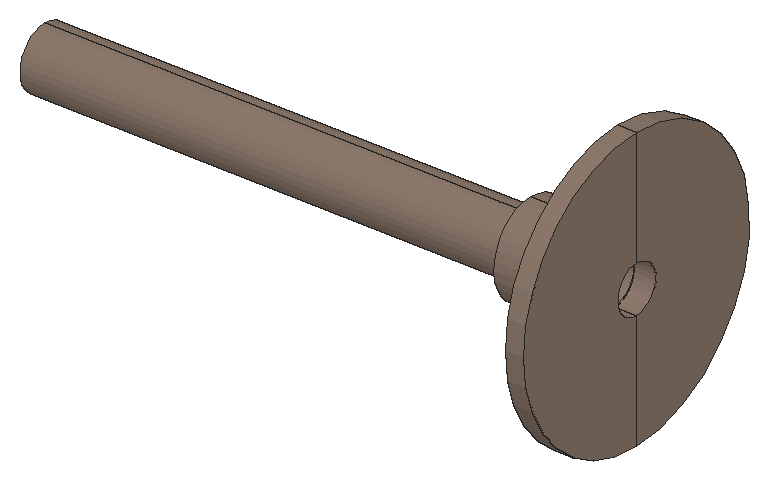
Revit family "E27", category Generic Models, Revit 2014
Parameters
  PLATE = Bronze, Architectural
  PIPE = Bronze, Architectural
Reference planes (in)
  plane 1 "Center (Front/Back)": y = 0
  plane 2: z = 0
  plane 3 "Center (Left/Right)": x = 0
Forms (in)
  Revolve 1, solid, material "Bronze, Architectural" <- "PIPE"
    sketch origin (0, 0, 0) x (1, 0, 0) y (0, 0, 1)
      loop
        line (-0.375, 10.68783) -> (-0.375, 10.80083) -> (-10.125, 10.80083) -> (-10.125, 10.68783) -> (-0.375, 10.68783)
      axis (-0.375, 10.27583) -> (-10.125, 10.27583)
    angle from 0 to 360
  Revolve 2, solid, material "Bronze, Architectural" <- "PLATE"
    sketch origin (-8.24385, 0, 7.86958) x (1, 0, 0) y (0, 0, 1)
      loop
        line (8.24385, 2.8125) -> (8.24385, 4.8125) -> (7.93135, 4.8125) -> (7.93135, 4.37965) -> (7.86885, 4.34274) -> (7.86885, 2.8125) -> (8.24385, 2.8125)
      axis (8.24385, 2.40625) -> (7.86885, 2.40625)
    angle from 0 to 360
  Revolve 3, solid, material "Bronze, Architectural" <- "PLATE"
    sketch origin (-8.24385, 0, 7.86958) x (1, 0, 0) y (0, 0, 1)
      loop
        line (7.86885, 3.1875) -> (6.43135, 3.1875) -> (6.43135, 2.93125) -> (7.86885, 2.93125) -> (7.86885, 3.1875)
      axis (7.86885, 2.40625) -> (6.43135, 2.40625)
    angle from 0 to 360
  Extrusion 4, solid, material "Bronze, Architectural" <- "PLATE"
    sketch origin (-8.24385, 0, 7.86958) x (1, 0, 0) y (0, 0, 1)
      loop
        line (6.43135, 1.78959) -> (6.43135, 1.375) -> (7.86885, 1.375) -> (7.86885, 1.78959) -> (6.43135, 1.78959)
    from -0.25 to 0.25
Cuts and joins
  joined: Revolve 2, Revolve 3, Extrusion 4
Dimensions and locks (in)
  aligned and locked: plane 2 to level
